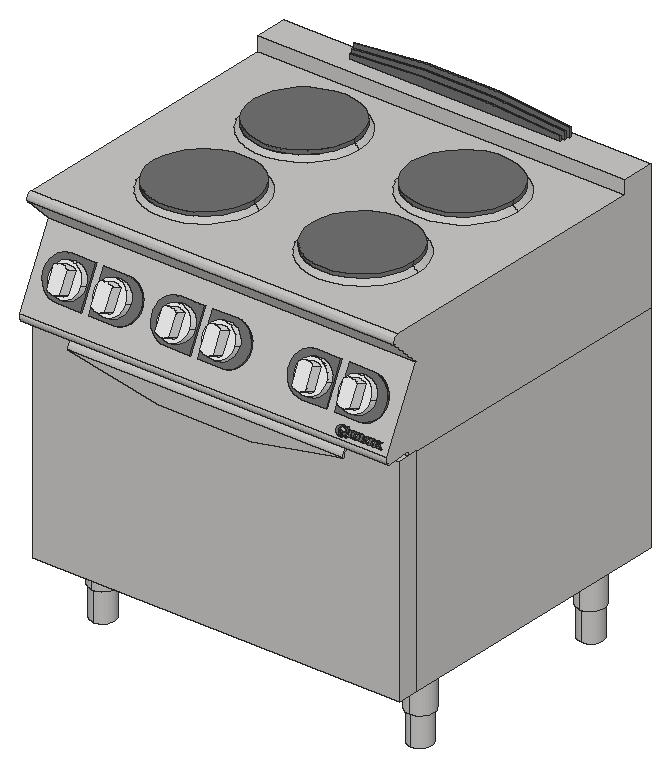
Revit family "QF_GIORIK_CE74TE", category Specialty Equipment, Revit 2014
Parameters (values of type "CE74TE")
  Weight in Pounds = 286.6006
  Watts = 16400 W
  Volts = 400 V
  URL Cutsheet = "www.giorik.com"
  URL = "www.giorik.com"
  Status [instance] = ""
  Specification by User [instance] = ""
  Specification by Manufacturer = ""
  Show Logo [instance] = yes
  Show Clearance [instance] = yes
  Serial Number = ""
  Seismic Rating = ""
  SMACNA No = ""
  Revision Code [instance] = ""
  Phase = 3
  Number of Poles [instance] = 3
  NAFEM Spec ID Number = ""
  Model = "CE74TE"
  Min Ckt Ampacity = 0 A
  Max Overcurrent Protection = 0 A
  Masterspec = ""
  Manufacturer = "GIORIK"
  Item Number [instance] = ""
  Installed By [instance] = ""
  Identify Quantity as Lot [instance] = no
  HP = "21.992728000000"
  Furnished By [instance] = ""
  Foodservice Equipment Identifier [instance] = yes
  FL Amps = 0 A
  Electrical Remarks [instance] = ""
  Electric Connection Type [instance] = ""
  Elec Conn RI Height [instance] = 0 mm
  Elec Conn Connection Height [instance] = 150 mm
  Description = "4 ELECTRIC ROUND PLATE HOB ON ELECTRIC OVEN"
  Cycle = 50 Hz
  Conn Plug = ""
  CSI MasterFormat = ""
  Assembly Code = "E1090320"
  Apparent Power = 16400 VA
Reference planes
  plane 1 "Back": y = 0
  plane 2: z = 0
  plane 3 "Left": x = 0
  plane 4 "Right": x = 800
  plane 5 "Front": y = -720
  plane 6 "Top": z = 900
Forms (mm)
  Extrusion 1, solid
    sketch origin (-16, 1025.81, 0) x (1, 0, 0) y (0, 1, 0)
      loop
        line (25, -1086.81) -> (25, -1156.81) -> (115, -1156.81) -> (115, -1086.81) -> (25, -1086.81)
    from 148 to 150
  Extrusion 2, solid
    sketch origin (-4, 0, 130) x (1, 0, 0) y (0, 1, 0)
      loop
        circle (54, -385) r 12.5
    from 0 to 20
  Extrusion 3, solid
    sketch origin (0, 1000, -20) x (0, 1, 0) y (0, 0, 1)
      loop
        line (-1000, 919.988) -> (-1070, 919.988) -> (-1070, 889.988) -> (-1688.806, 889.988)
        arc (-1688.806, 889.988) -> (-1699.151, 883.075) -> (-1696.724, 870.873) r 11.197
        line (-1696.724, 870.873) -> (-1640.876, 815.025) -> (-1718.948, 661.258)
        arc (-1718.948, 661.258) -> (-1718.233, 650.105) -> (-1708.118, 645.354) r 10.981
        line (-1708.118, 645.354) -> (-1660, 649.925) -> (-1660, 640) -> (-1000, 640) -> (-1000, 919.988)
    from 0 to 800
  Extrusion 4, solid
    sketch origin (0, 0, 599.536) x (1, 0, 0) y (0, 1, 0)
      loop
        line (0, -640) -> (40, -640) -> (40, -40) -> (760, -40) -> (760, -640) -> (800, -640) -> (800, 0) -> (0, 0) -> (0, -640)
    from -449.536 to 20.464
  Extrusion 5, solid
    sketch origin (0, 0, 0) x (1, 0, 0) y (0, 1, 0)
      loop
        line (40, -40) -> (40, -640) -> (760, -640) -> (760, -40) -> (40, -40)
    from 150 to 190
  Extrusion 6, solid
    sketch origin (-16, 560.81, 0) x (1, 0, 0) y (0, 1, 0)
      loop
        line (25, -1086.81) -> (25, -1156.81) -> (115, -1156.81) -> (115, -1086.81) -> (25, -1086.81)
    from 148 to 150
  Revolve 7, solid
    sketch origin (54, 560.81, 0) x (0, 1, 0) y (0, 0, 1)
      loop
        line (-1092.56, 66) -> (-1092.56, 148) -> (-1121.81, 148) -> (-1121.81, 0) -> (-1096.81, 0) -> (-1096.81, 66) -> (-1092.56, 66)
      axis (-1121.81, 0) -> (-1121.81, 148)
    angle from 0 to 360
  Revolve 8, solid
    sketch origin (54, 1025.81, 0) x (0, 1, 0) y (0, 0, 1)
      loop
        line (-1092.56, 66) -> (-1092.56, 148) -> (-1121.81, 148) -> (-1121.81, 0) -> (-1096.81, 0) -> (-1096.81, 66) -> (-1092.56, 66)
      axis (-1121.81, 0) -> (-1121.81, 148)
    angle from 0 to 360
  Extrusion 9, solid
    sketch origin (816, 560.81, 0) x (-1, 0, 0) y (0, -1, 0)
      loop
        line (25, 1086.81) -> (115, 1086.81) -> (115, 1156.81) -> (25, 1156.81) -> (25, 1086.81)
    from 148 to 150
  Revolve 10, solid
    sketch origin (746, 560.81, 0) x (0, 1, 0) y (0, 0, -1)
      loop
        line (-1092.56, -66) -> (-1096.81, -66) -> (-1096.81, 0) -> (-1121.81, 0) -> (-1121.81, -148) -> (-1092.56, -148) -> (-1092.56, -66)
      axis (-1121.81, 0) -> (-1121.81, -148)
    angle from 0 to 360
  Extrusion 11, solid
    sketch origin (816, -1217.81, 0) x (-1, 0, 0) y (0, -1, 0)
      loop
        line (25, -1086.81) -> (25, -1156.81) -> (115, -1156.81) -> (115, -1086.81) -> (25, -1086.81)
    from 148 to 150
  Revolve 12, solid
    sketch origin (746, -1217.81, 0) x (0, -1, 0) y (0, 0, 1)
      loop
        line (-1092.56, 66) -> (-1092.56, 148) -> (-1121.81, 148) -> (-1121.81, 0) -> (-1096.81, 0) -> (-1096.81, 66) -> (-1092.56, 66)
      axis (-1121.81, 0) -> (-1121.81, 148)
    angle from 0 to 360
  Extrusion 13, solid
    sketch origin (36.031, 0, -10.001) x (1, 0, 0) y (0, 0, 1)
      loop
        line (135, 909.989) -> (592.969, 909.989) -> (592.969, 919.989) -> (440.969, 929.989) -> (287, 929.989) -> (135, 919.989) -> (135, 909.989)
    from 32 to 35
  Extrusion 14, solid
    sketch origin (38, 10, -10.001) x (1, 0, 0) y (0, 0, 1)
      loop
        line (594, 909.989) -> (594, 924.989) -> (440, 937.489) -> (284, 937.489) -> (130, 925.001) -> (130, 909.989) -> (594, 909.989)
    from 32 to 35
  Extrusion 15, solid
    sketch origin (40, 20, -10.001) x (1, 0, 0) y (0, 0, 1)
      loop
        line (595, 909.989) -> (595, 930.001) -> (439, 945.258) -> (281, 945.258) -> (125, 929.989) -> (125, 909.989) -> (595, 909.989)
    from 32 to 35
  Extrusion 16, solid
    sketch origin (37, 2.499, 864.988) x (0, 1, 0) y (-1, 0, 0)
      loop
        circle (-231.5, -189.999) r 110
    from 23 to 15
  Blend 17, solid
    base sketch origin (781.36, -820.005, 869.988) x (0, 1, 0) y (-1, 0, 0)
      loop
        circle (591.004, 554.361) r 120
    top sketch origin (781.36, -820.005, 900) x (0, 1, 0) y (-1, 0, 0)
      loop
        circle (591.004, 554.361) r 110
    from 0 to -20.012
  Extrusion 18, solid
    sketch origin (37, -733.501, 864.988) x (0, -1, 0) y (1, 0, 0)
      loop
        circle (-231.5, 189.999) r 110
    from 23 to 15
  Blend 19, solid
    base sketch origin (781.36, 89.003, 869.988) x (0, -1, 0) y (1, 0, 0)
      loop
        circle (591.004, -554.361) r 120
    top sketch origin (781.36, 89.003, 900) x (0, -1, 0) y (1, 0, 0)
      loop
        circle (591.004, -554.361) r 110
    from 0 to -20.012
  Extrusion 20, solid
    sketch origin (763, 2.499, 864.988) x (0, 1, 0) y (-1, 0, 0)
      loop
        circle (-231.5, 189.999) r 110
    from 23 to 15
  Blend 21, solid
    base sketch origin (18.64, -820.005, 869.988) x (0, 1, 0) y (-1, 0, 0)
      loop
        circle (591.004, -554.361) r 120
    top sketch origin (18.64, -820.005, 900) x (0, 1, 0) y (-1, 0, 0)
      loop
        circle (591.004, -554.361) r 110
    from 0 to -20.012
  Extrusion 22, solid
    sketch origin (763, -733.501, 864.988) x (0, -1, 0) y (1, 0, 0)
      loop
        circle (-231.5, -189.999) r 110
    from 23 to 15
  Blend 23, solid
    base sketch origin (18.64, 89.003, 869.988) x (0, -1, 0) y (1, 0, 0)
      loop
        circle (591.004, 554.361) r 120
    top sketch origin (18.64, 89.003, 900) x (0, -1, 0) y (1, 0, 0)
      loop
        circle (591.004, 554.361) r 110
    from 0 to -20.012
  Extrusion 24, solid
    sketch origin (0, -725, 0) x (1, 0, 0) y (0, 0, 1)
      loop
        line (0, 620) -> (0, 150) -> (800, 150) -> (800, 620) -> (0, 620)
    from -85 to -40
  Extrusion 25, solid
    sketch origin (2.5, -725, -20.1) x (0, 1, 0) y (0, 0, 1)
      loop
        arc (25, 640.1) -> (14.393, 635.707) -> (10, 625.1) r 15
        line (10, 625.1) -> (12, 625.1)
        arc (12, 625.1) -> (15.808, 634.292) -> (25, 638.1) r 13
        line (25, 638.1) -> (40, 638.1) -> (40, 640.1) -> (25, 640.1)
    from 97.5 to 697.5
  Extrusion 26, solid
    sketch origin (2.5, -724.905, -20.1) x (1, 0, 0) y (0, 0, 1)
      loop
        arc (97.5, 625.1) -> (397.5, 582.413) -> (697.5, 625.1) r 1075.531
        line (697.5, 625.1) -> (97.5, 625.1)
    from -11.905 to -9.905
  Extrusion 27, solid, visible <- "Show Clearance", detail levels coarse
    sketch origin (0, 0, 0) x (0, 1, 0) y (0, 0, 1)
      loop
        line (-685, 150) -> (-685, 620)
        arc (-685, 620) -> (-1017.34, 482.34) -> (-1155, 150) r 470
        line (-1155, 150) -> (-685, 150)
    from 0 to 800
  Extrusion 28, solid, visible <- "Show Logo"
    sketch origin (591.604, -736.761, 609.633) x (-1, 0, 0) y (0, 0.452718, 0.891654)
      loop
        line (-118.824, 58.358) -> (-127.804, 58.358) -> (-125.523, 56.445) -> (-125.523, 48.027) -> (-127.804, 46.113) -> (-118.824, 46.113) -> (-121.105, 48.027) -> (-121.105, 56.445) -> (-118.824, 58.358)
      loop
        line (-163.721, 58.358) -> (-172.7, 58.358) -> (-170.42, 56.445) -> (-170.42, 48.027) -> (-172.7, 46.113) -> (-163.721, 46.113) -> (-166.001, 48.027) -> (-166.001, 56.445) -> (-163.721, 58.358)
      loop
        line (-174.332, 58.358) -> (-183.312, 58.358) -> (-181.031, 56.445) -> (-181.031, 52.435) -> (-186.419, 56.955) -> (-184.416, 58.358) -> (-191.268, 58.358) -> (-188.01, 56.839) -> (-185.455, 54.283) -> (-190.846, 47.858) -> (-193.396, 46.93) -> (-193.396, 46.113) -> (-184.416, 46.113) -> (-185.437, 47.571) -> (-182.443, 51.552) -> (-181.031, 50.894) -> (-181.031, 48.027) -> (-183.312, 46.113) -> (-174.332, 46.113) -> (-176.613, 48.027) -> (-176.613, 56.445) -> (-174.332, 58.358)
      loop
        line (-115.429, 62.063) -> (-115.429, 54.198)
        arc (-115.429, 54.198) -> (-111.618, 57.803) -> (-106.847, 59.986) r 16.039
        arc (-106.847, 59.986) -> (-103.314, 59.837) -> (-100.512, 57.68) r 5.851
        arc (-100.512, 57.68) -> (-98.815, 52.267) -> (-100.512, 46.853) r 9.479
        arc (-100.512, 46.853) -> (-102.406, 44.986) -> (-104.846, 43.93) r 7.236
        arc (-104.846, 43.93) -> (-107.728, 44.111) -> (-110.052, 45.825) r 5.11
        line (-110.052, 45.825) -> (-110.052, 52.001) -> (-116.141, 52.001) -> (-116.141, 45.503) -> (-117.893, 43.751) -> (-114.094, 44.769)
        arc (-114.094, 44.769) -> (-112.56, 44.947) -> (-111.129, 44.366) r 3.115
        arc (-111.129, 44.366) -> (-104.216, 42.091) -> (-97.303, 44.366) r 11.641
        arc (-97.303, 44.366) -> (-93.396, 52.107) -> (-97.303, 59.849) r 9.622
        arc (-97.303, 59.849) -> (-104.369, 62.174) -> (-111.435, 59.849) r 11.898
        line (-111.435, 59.849) -> (-115.429, 62.063)
      loop
        arc (-129.234, 56.068) -> (-135.893, 58.628) -> (-142.552, 56.068) r 9.941
        arc (-142.552, 56.068) -> (-144.234, 52.286) -> (-142.552, 48.505) r 5.093
        arc (-142.552, 48.505) -> (-135.893, 45.945) -> (-129.234, 48.505) r 9.941
        arc (-129.234, 48.505) -> (-127.552, 52.286) -> (-129.234, 56.068) r 5.093
      loop
        arc (-132.628, 54.403) -> (-135.893, 57.668) -> (-139.158, 54.403) r 3.265
        line (-139.158, 54.403) -> (-139.158, 50.169)
        arc (-139.158, 50.169) -> (-135.893, 46.904) -> (-132.628, 50.169) r 3.265
        line (-132.628, 50.169) -> (-132.628, 54.403)
      loop
        arc (-156.363, 58.365) -> (-159.647, 55.081) -> (-156.363, 51.796) r 3.285
        line (-156.363, 51.796) -> (-159.529, 47.306) -> (-162.087, 46.113) -> (-155.847, 46.113) -> (-153.529, 51.083) -> (-150.637, 51.083) -> (-150.637, 47.784) -> (-153.022, 46.113) -> (-144.011, 46.113) -> (-146.094, 47.68) -> (-146.094, 56.493) -> (-144.229, 58.365) -> (-156.363, 58.365)
      loop
        line (-150.637, 57.512) -> (-153.637, 57.512)
        arc (-153.637, 57.512) -> (-156.237, 54.912) -> (-153.637, 52.312) r 2.6
        line (-153.637, 52.312) -> (-150.637, 52.312) -> (-150.637, 57.512)
      loop
        line (-108.924, 52.001) -> (-104.936, 49.005) -> (-100.948, 52.001) -> (-108.924, 52.001)
    from 1.5 to -0.5
  Extrusion 29, solid
    sketch origin (-344.488, -963.345, 52.509) x (1, 0, 0) y (0, 0.452718, 0.891654)
      loop
        line (463.221, 676.25) -> (463.221, 766.25) -> (409.698, 766.25)
        arc (409.698, 766.25) -> (364.698, 721.25) -> (409.698, 676.25) r 45
        line (409.698, 676.25) -> (463.221, 676.25)
    from 48 to 50
  Extrusion 30, solid
    sketch origin (430.064, -1008.697, 75.105) x (-1, 0, 0) y (0, -0.45351, -0.891251)
      loop
        circle (351.331, -721.346) r 35
    from 0 to 15
  Extrusion 31, solid
    sketch origin (430.064, -1008.697, 75.105) x (-1, 0, 0) y (0, -0.45351, -0.891251)
      loop
        arc (336.331, -743.846) -> (351.331, -748.846) -> (366.331, -743.846) r 25
        line (366.331, -743.846) -> (366.331, -698.846)
        arc (366.331, -698.846) -> (351.331, -693.846) -> (336.331, -698.846) r 25
        line (336.331, -698.846) -> (336.331, -743.846)
    from 15 to 40
  Extrusion 32, solid
    sketch origin (599.488, -963.345, 52.509) x (-1, 0, 0) y (0, -0.452718, -0.891654)
      loop
        line (463.221, -676.25) -> (409.698, -676.25)
        arc (409.698, -676.25) -> (364.698, -721.25) -> (409.698, -766.25) r 45
        line (409.698, -766.25) -> (463.221, -766.25) -> (463.221, -676.25)
    from 48 to 50
  Extrusion 33, solid
    sketch origin (-175.064, -1008.697, 75.105) x (1, 0, 0) y (0, 0.45351, 0.891251)
      loop
        circle (351.331, 721.346) r 35
    from 0 to 15
  Extrusion 34, solid
    sketch origin (-175.064, -1008.697, 75.105) x (1, 0, 0) y (0, 0.45351, 0.891251)
      loop
        line (336.331, 743.846) -> (336.331, 698.846)
        arc (336.331, 698.846) -> (351.331, 693.846) -> (366.331, 698.846) r 25
        line (366.331, 698.846) -> (366.331, 743.846)
        arc (366.331, 743.846) -> (351.331, 748.846) -> (336.331, 743.846) r 25
    from 15 to 40
  Extrusion 35, solid
    sketch origin (-106.953, -963.345, 52.509) x (1, 0, 0) y (0, 0.452718, 0.891654)
      loop
        line (463.221, 676.25) -> (463.221, 766.25) -> (409.698, 766.25)
        arc (409.698, 766.25) -> (364.698, 721.25) -> (409.698, 676.25) r 45
        line (409.698, 676.25) -> (463.221, 676.25)
    from 48 to 50
  Extrusion 36, solid
    sketch origin (667.599, -1008.697, 75.105) x (-1, 0, 0) y (0, -0.45351, -0.891251)
      loop
        circle (351.331, -721.346) r 35
    from 0 to 15
  Extrusion 37, solid
    sketch origin (667.599, -1008.697, 75.105) x (-1, 0, 0) y (0, -0.45351, -0.891251)
      loop
        arc (336.331, -743.846) -> (351.331, -748.846) -> (366.331, -743.846) r 25
        line (366.331, -743.846) -> (366.331, -698.846)
        arc (366.331, -698.846) -> (351.331, -693.846) -> (336.331, -698.846) r 25
        line (336.331, -698.846) -> (336.331, -743.846)
    from 15 to 40
  Extrusion 38, solid
    sketch origin (837.023, -963.345, 52.509) x (-1, 0, 0) y (0, -0.452718, -0.891654)
      loop
        line (463.221, -676.25) -> (409.698, -676.25)
        arc (409.698, -676.25) -> (364.698, -721.25) -> (409.698, -766.25) r 45
        line (409.698, -766.25) -> (463.221, -766.25) -> (463.221, -676.25)
    from 48 to 50
  Extrusion 39, solid
    sketch origin (62.471, -1008.697, 75.105) x (1, 0, 0) y (0, 0.45351, 0.891251)
      loop
        circle (351.331, 721.346) r 35
    from 0 to 15
  Extrusion 40, solid
    sketch origin (62.471, -1008.697, 75.105) x (1, 0, 0) y (0, 0.45351, 0.891251)
      loop
        line (336.331, 743.846) -> (336.331, 698.846)
        arc (336.331, 698.846) -> (351.331, 693.846) -> (366.331, 698.846) r 25
        line (366.331, 698.846) -> (366.331, 743.846)
        arc (366.331, 743.846) -> (351.331, 748.846) -> (336.331, 743.846) r 25
    from 15 to 40
  Extrusion 41, solid
    sketch origin (190.581, -963.345, 52.509) x (1, 0, 0) y (0, 0.452718, 0.891654)
      loop
        line (463.221, 676.25) -> (463.221, 766.25) -> (409.698, 766.25)
        arc (409.698, 766.25) -> (364.698, 721.25) -> (409.698, 676.25) r 45
        line (409.698, 676.25) -> (463.221, 676.25)
    from 48 to 50
  Extrusion 42, solid
    sketch origin (965.133, -1008.697, 75.105) x (-1, 0, 0) y (0, -0.45351, -0.891251)
      loop
        circle (351.331, -721.346) r 35
    from 0 to 15
  Extrusion 43, solid
    sketch origin (965.133, -1008.697, 75.105) x (-1, 0, 0) y (0, -0.45351, -0.891251)
      loop
        arc (336.331, -743.846) -> (351.331, -748.846) -> (366.331, -743.846) r 25
        line (366.331, -743.846) -> (366.331, -698.846)
        arc (366.331, -698.846) -> (351.331, -693.846) -> (336.331, -698.846) r 25
        line (336.331, -698.846) -> (336.331, -743.846)
    from 15 to 40
  Extrusion 44, solid
    sketch origin (1134.557, -963.345, 52.509) x (-1, 0, 0) y (0, -0.452718, -0.891654)
      loop
        line (463.221, -676.25) -> (409.698, -676.25)
        arc (409.698, -676.25) -> (364.698, -721.25) -> (409.698, -766.25) r 45
        line (409.698, -766.25) -> (463.221, -766.25) -> (463.221, -676.25)
    from 48 to 50
  Extrusion 45, solid
    sketch origin (360.005, -1008.697, 75.105) x (1, 0, 0) y (0, 0.45351, 0.891251)
      loop
        circle (351.331, 721.346) r 35
    from 0 to 15
  Extrusion 46, solid
    sketch origin (360.005, -1008.697, 75.105) x (1, 0, 0) y (0, 0.45351, 0.891251)
      loop
        line (336.331, 743.846) -> (336.331, 698.846)
        arc (336.331, 698.846) -> (351.331, 693.846) -> (366.331, 698.846) r 25
        line (366.331, 698.846) -> (366.331, 743.846)
        arc (366.331, 743.846) -> (351.331, 748.846) -> (336.331, 743.846) r 25
    from 15 to 40
Lines and regions (mm)
  symbolic lines, style "200-EquipBorder-2D"
    curve 1: line (0, -720, 0) -> (800, -720, 0)
    curve 2: line (800, -720, 0) -> (800, 0, 0)
    curve 3: line (800, 0, 0) -> (0, 0, 0)
    curve 4: line (0, 0, 0) -> (0, -720, 0)
  symbolic lines, style "200-EquipInternal-2D"
    curve 5: line (0, -70, 900) -> (800, -70, 900)
    curve 6: line (165, -12, 900) -> (635, -12, 900)
    curve 7: line (635, -12, 900) -> (635, -15, 900)
    curve 8: line (635, -15, 900) -> (165, -15, 900)
    curve 9: line (165, -15, 900) -> (165, -12, 900)
    curve 10: line (168, -22, 900) -> (632, -22, 900)
    curve 11: line (632, -22, 900) -> (632, -25, 900)
    curve 12: line (632, -25, 900) -> (168, -25, 900)
    curve 13: line (168, -25, 900) -> (168, -22, 900)
    curve 14: line (171.031, -32, 900) -> (629, -32, 900)
    curve 15: line (629, -32, 900) -> (629, -35, 900)
    curve 16: line (629, -35, 900) -> (171.031, -35, 900)
    curve 17: line (171.031, -35, 900) -> (171.031, -32, 900)
    curve 18: circle (227, -229.001, 900) r 120 normal (0, 0, 1)
    curve 19: circle (227, -229.001, 900) r 109.999 normal (0, 0, 1)
    curve 20: circle (227, -502.001, 900) r 109.999 normal (0, 0, 1)
    curve 21: circle (227, -502.001, 900) r 119.999 normal (0, 0, 1)
    curve 22: circle (573, -229.001, 900) r 120 normal (0, 0, -1)
    curve 23: circle (573, -229.001, 900) r 109.999 normal (0, 0, -1)
    curve 24: circle (573, -502.001, 900) r 109.999 normal (0, 0, -1)
    curve 25: circle (573, -502.001, 900) r 119.999 normal (0, 0, -1)
  symbolic lines, style "QF_Door-Drawer Clearances", visible <- "Show Clearance", detail levels coarse
    curve 26: line (0, -720, 0) -> (0, -1155, 0)
    curve 27: line (0, -1155, 900) -> (800, -1155, 900)
    curve 28: line (800, -1155, 900) -> (800, -720, 900)
Dimensions and locks
  plane 3 "Left" to plane 4 "Right" = 800 mm
  plane 5 "Front" to plane 1 "Back" = 720 mm
  plane 4 "Right" to plane 3 "Left" = 800 mm
  plane 1 "Back" to plane 5 "Front" = 720 mm
  plane 6 "Top" to level = 900 mm  (x2)
  aligned and locked: level to plane 2
Connectors
  electrical at (50, -385, 130), driven by "Apparent Power", driven by "Volts", driven by "Number of Poles"
    settings: on Extrusion 2, index 1, voltage 400 V, apparent load 0 VA, apparent load phase1 16400 VA, apparent load phase2 0 VA, apparent load phase3 0 VA, power factor 1, load classification "Other", number of poles 3, system type 31, power factor state 1, is connector primary yes, connector utility no, sub classification motor no, connector description "Electrical connection"
